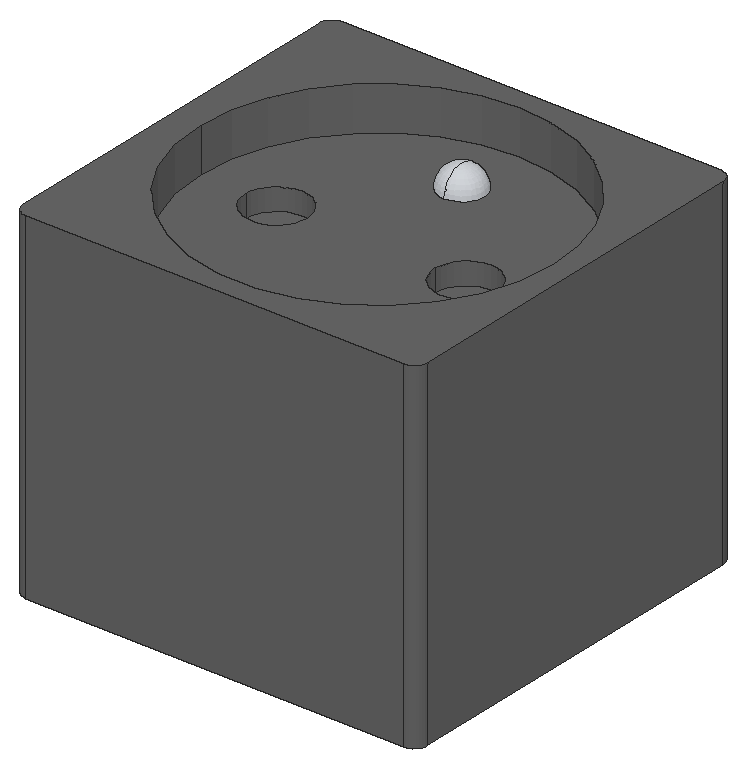
Revit family "Domotics-DomesticRanges-GEWISS-SYSTEM_POWER-SOCKET-OUTLET_FRA", category Apparecchi elettrici, host Superficie, Revit 2016
Family settings
  Host = Superficie
  Mantenere orientamento annotazione = Sì
  Tipo di parte = Normale
  Quota connettore circolare = Usa diametro
  Taglio con vuoti quando caricato = Sì
  Condiviso = Sì
  Punto di calcolo locali = Sì
Parameters (values of type "GW21207 - 16A 2P+E french socket outlet black")
  Voltage: = "250 V ac"
  Voltage = "250 V ac"
  Volt = 230 V
  Vista in pianta [instance] = yes
  Version file RFA = "19.4"
  URL = "https://www.gewiss.com/ww/en"
  Type: = ""
  Type = ""
  Technical sheet = "https://www.gewiss.com/ww/en/search?q=GW21207"
  TXT ELETTRICO = "16"
  TIPO_ = System Prese Fra_GENERICO : GW21207 Presa 2P+T 16A standard Francese nero
  Standard: = "French"
  Standard = "French"
  Simbolo [instance] = yes
  SEO = "Socket outlet"
  Realized by GEWISS S.p.A. = ""
  Default Elevation = 1219.2 mm
  Produttore = "GEWISS S.p.A."
  Offset presa [instance] = 0 mm
  Offset bidimensionale [instance] = 39 mm
  No. SYSTEM modules = "2"
  N. poli = 1
  Modello = "GW21207"
  Immagine tipo = GW21207.jpg
  IFC.TypeObject = ""
  IFC.ExportType = ""
  IFC.ExportAs = ""
  IDT = "59e86ad9-7750-4562-ad2a-436f4590d886"
  IDF = "babc6fc7-54f3-4548-b33f-10fc7bc1d9fd"
  For plug pins = "Ø 4 / 4.8 mm"
  Electrocod = "0131"
  EAN code = "8011564128491"
  Distanza_x [instance] = 0 mm
  Distanza_effettiva_y [instance] = 100 mm
  Distanza_effettiva_x [instance] = 1000 mm - Distanza_x  # 1000 mm
  Distanza orizzontale del simbolo [instance] = 51.318 mm
  Distanza dal muro [instance] = 4.208 mm
  Descrizione = "16A 2P+E FRENCH SOCKET OUTLET SY/BK"
  Description: = "2P+E - 16A"
  Description. = "France"
  Colour = "Black"
  Catalogue Range = "SYSTEM - DOMESTIC RANGE"
  Catalogue = "DOMOTICS"
  Carico apparente = 0 VA
  COBie.Tagnumber = ""
  COBie.CreatedOn = ""
  COBie.CreatebBy = ""
  COBie.ComponentRegisterItemID = ""
  COBie.Component.TagNumber = ""
  COBie.Component.Space = ""
  COBie.Component.SerialNumber = ""
  COBie.Component.InstallationDate = ""
  COBie.Component.Description = ""
  COBie.Component.BarCode = ""
Types (5, lengths in mm): name | Type: | Type | Technical sheet | TIPO_ | Modello | Immagine tipo | IDT | EAN code | Descrizione | Description: | Colour
  GW20206 - 16A 2P french socket outlet white | "" | "" | "https://www.gewiss.com/ww/en/search?q=GW20206" | System Prese Fra_GENERICO : GW20206 Presa 2P 16A standard Francese bianco | "GW20206" | GW20206.jpg | "fee1bd62-d0d0-44d1-b0d5-2b934b21f5da" | "8011564000582" | "16A 2P FRENCH SOCKET OUTLET SY/WT" | "2P - 16A" | "White"
  GW20207 - 16A 2P+E french socket outlet white | "" | "" | "https://www.gewiss.com/ww/en/search?q=GW20207" | System Prese Fra_GENERICO : GW20207 Presa 2P+T 16A standard Francese bianco | "GW20207" | GW20207.jpg | "78377db3-74a0-4f26-a398-ee75bd155f94" | "8011564000599" | "16A 2P+E FRENCH SOCKET OUTLET SY/WT" | "2P+E - 16A" | "White"
  GW20312 - 2P+E 16A french red socket | "For allocated lines" | "For allocated lines" | "https://www.gewiss.com/ww/en/search?q=GW20312" | System Prese Fra_GENERICO : GW20312 Presa 2P+T 16A standard Francese rosso | "GW20312" | GW20312.jpg | "05970419-c3f9-421f-8af2-ceda21b5f2f8" | "8011564099364" | "2P+E 16A FRENCH RED SOCKET" | "2P+E - 16A" | "Red"
  GW21206 - 16A 2P french socket outlet black | "" | "" | "https://www.gewiss.com/ww/en/search?q=GW21206" | System Prese Fra_GENERICO : GW21206 Presa 2P 16A standard Francese nero | "GW21206" | GW21206.jpg | "a2259f88-aa57-426d-a8ca-d412b65e5875" | "8011564128484" | "16A 2P FRENCH SOCKET OUTLET SY/BK" | "2P - 16A" | "Black"
  GW21207 - 16A 2P+E french socket outlet black | "" | "" | "https://www.gewiss.com/ww/en/search?q=GW21207" | System Prese Fra_GENERICO : GW21207 Presa 2P+T 16A standard Francese nero | "GW21207" | GW21207.jpg | "59e86ad9-7750-4562-ad2a-436f4590d886" | "8011564128491" | "16A 2P+E FRENCH SOCKET OUTLET SY/BK" | "2P+E - 16A" | "Black"
Reference planes
  plane 1 "Centro (Fronte/Retro)": y = 0
  plane 2: z = 0
  plane 3 "Centro (Sinistra/Destra)": x = 0
  plane 4: x = -1000
  plane 5: x = 0
  plane 6: y = 100
  plane 7: z = 39
  plane 8: z = 0
Lines and regions (mm)
  Masking region 1, visible <- "Vista in pianta"
    outline origin (0, 0, 0) x (1, 0, 0) y (0, 1, 0)
      loop
        line (-23, 22.5) -> (-23, -22.5) -> (23, -22.5) -> (23, 22.5) -> (-23, 22.5)
      loop
        circle (0.5, 0) r 20.156
      loop
        circle (-10.781, -0.293) r 3.536
      loop
        circle (10.781, -0.293) r 3.536
  Masking region 2, visible <- "Vista in pianta"
    outline origin (0, 0, 0) x (1, 0, 0) y (0, 0, 1)
      loop
        line (-23, 37.568) -> (-23, 0) -> (23, 0) -> (23, 37.568) -> (-23, 37.568)
  Masking region 3, visible <- "Vista in pianta"
    outline origin (0, 0, 0) x (0, 1, 0) y (0, 0, 1)
      loop
        line (-22.5, 37.568) -> (-22.5, 0) -> (22.5, 0) -> (22.5, 37.568) -> (-22.5, 37.568)
Dimensions and locks
  plane 4 to plane 3 "Centro (Sinistra/Destra)" = 1000 mm
  "Distanza_effettiva_x": plane 4 to plane 5
  "Distanza_effettiva_y": plane 6 to plane 1 "Centro (Fronte/Retro)"
  "Offset bidimensionale": plane 7 to host face
  "Offset presa": plane 8 to host face
  aligned and locked: plane 2 to host face
  aligned and locked: level to host face
  aligned and locked: plane 5 to nested 2
  aligned and locked: nested 2 to plane 6
  aligned and locked: Masking region 1 sketch curve to nested 1  (x4)
  aligned and locked: Masking region 2 sketch curve to nested 1  (x4)
  aligned and locked: Masking region 3 sketch curve to nested 1  (x4)
  aligned and locked: nested 1 to plane 8
  aligned and locked: import instance to plane 7
Automatic sketch dimensions
  host sketch curve to host sketch curve = 2438.4 mm  (x2)
  plane 1 "Centro (Fronte/Retro)" to Masking region 1 sketch curve = 0 mm
  plane 3 "Centro (Sinistra/Destra)" to Masking region 1 sketch curve = 0.5 mm
  Masking region 1 sketch curve to plane 3 "Centro (Sinistra/Destra)" = 19.656 mm
  plane 1 "Centro (Fronte/Retro)" to Masking region 1 sketch curve = 0.293 mm  (x2)
  Masking region 1 sketch curve to Masking region 1 sketch curve = 8.875 mm
  Masking region 1 sketch curve to Masking region 1 sketch curve = 3.536 mm  (x2)
  Masking region 1 sketch curve to Masking region 1 sketch curve = 0 mm  (x2)
  Masking region 1 sketch curve to Masking region 1 sketch curve = 9.875 mm
Nested families
  nested 1: "System Prese Fra_GENERICO" at (0, 0, 0), type <- "TIPO_", type "GW21207 Presa 2P+T 16A standard Francese nero", detail levels medium+fine
  nested 2: "SIMBOLO PRESE" at (0, 100, 0), TESTO ELETTRICO <- "TXT ELETTRICO", Distanza dal muro <- "Distanza dal muro", SIMBOLO <- "Simbolo", visible <- "Simbolo", type "PRESA"
    with TESTO ELETTRICO "16", SIMBOLO yes, Distanza dal muro 4.208 mm, BORDO ACCESO yes
Connectors
  electrical at (0, 0, 0), driven by "N. poli", driven by "Volt", driven by "Carico apparente"
    settings: on nested 1, index 1, voltage 230 V, apparent load 0 VA, apparent load phase1 0 VA, apparent load phase2 0 VA, apparent load phase3 0 VA, power factor 1, load classification "Altro", number of poles 1, system type 31, power factor state 1, is connector primary yes, connector utility no, sub classification motor no, connector description ""
Definition of nested family "System Prese Fra_GENERICO"
  Parameters (values of type "GW20312 Presa 2P+T 16A standard Francese rosso")
    Terra = yes
    Profondità presa = 39 mm
    Finitura Terra = none
    Finitura Presa = none
    Altezza da Terra = 500 mm
  Types (5, lengths in mm): name | Terra | Profondità presa
    GW20206 Presa 2P 16A standard Francese bianco | no | 37.568
    GW21206 Presa 2P 16A standard Francese nero | no | 37.568
    GW20207 Presa 2P+T 16A standard Francese bianco | yes | 37.568
    GW21207 Presa 2P+T 16A standard Francese nero | yes | 37.568
    GW20312 Presa 2P+T 16A standard Francese rosso | yes | 39
  Reference planes
    plane 1 "Centro (Fronte/Retro)": y = 0
    plane 2: z = 0
    plane 3 "Centro (Sinistra/Destra)": x = 0
    plane 4: y = -22.5
    plane 5: y = 22.5
    plane 6: y = 12.596
    plane 7: z = 39
  Forms (mm)
    Extrusion 1, solid, material <- "Finitura Presa"
      sketch origin (0, -522.5, 39) x (1, 0, 0) y (0, 1, 0)
        loop
          arc (-21.5, 545) -> (-22.561, 544.561) -> (-23, 543.5) r 1.5
          line (-23, 543.5) -> (-23, 501.5)
          arc (-23, 501.5) -> (-22.561, 500.439) -> (-21.5, 500) r 1.5
          line (-21.5, 500) -> (21.5, 500)
          arc (21.5, 500) -> (22.561, 500.439) -> (23, 501.5) r 1.5
          line (23, 501.5) -> (23, 543.5)
          arc (23, 543.5) -> (22.561, 544.561) -> (21.5, 545) r 1.5
          line (21.5, 545) -> (-21.5, 545)
      from 0 to -39
    Extrusion 2, void
      sketch origin (0, -522.5, 39) x (1, 0, 0) y (0, 1, 0)
        loop
          circle (0.5, 522.5) r 20.156
      from -5 to 0
    Extrusion 3, void
      sketch origin (0, -522.5, 39) x (1, 0, 0) y (0, 1, 0)
        loop
          circle (10.781, 522.207) r 3.536
        loop
          circle (-10.781, 522.207) r 3.536
      from -7.5 to -5
    Revolve 4, solid, material <- "Finitura Terra", visible <- "Terra"
      sketch origin (0, -522.5, 39) x (0, 0, -1) y (0, 1, 0)
        loop
          line (5, 535.096) -> (2.482, 535.096)
          arc (2.482, 535.096) -> (3.219, 533.315) -> (5, 532.578) r 2.518
          line (5, 532.578) -> (5, 535.096)
        axis (5, 535.096) -> (2.482, 535.096)
      angle from 0 to 360
  Cuts and joins
    Extrusion 2, Extrusion 3 cuts Extrusion 1
  Dimensions and locks
    equal spacing: plane 5, plane 1 "Centro (Fronte/Retro)", plane 4
    locked: plane 5 to plane 4 at 45
    locked: plane 6 to plane 1 "Centro (Fronte/Retro)" at 12.596
    "Profondità presa": plane 7 to level
    aligned and locked: level to plane 2
    aligned and locked: Extrusion 1 to level
  Automatic sketch dimensions
    Extrusion 1 sketch curve to plane 4 = 0 mm
    Extrusion 1 sketch curve to plane 5 = 0 mm
    plane 1 "Centro (Fronte/Retro)" to Extrusion 2 sketch curve = 0 mm
    plane 3 "Centro (Sinistra/Destra)" to Extrusion 2 sketch curve = 0.5 mm
    plane 1 "Centro (Fronte/Retro)" to Extrusion 3 sketch curve = 0.293 mm  (x2)
    Extrusion 3 sketch curve to plane 3 "Centro (Sinistra/Destra)" = 10.781 mm
    plane 3 "Centro (Sinistra/Destra)" to Extrusion 3 sketch curve = 10.781 mm
    Revolve 4 sketch curve to plane 6 = 0 mm  (x2)
    level to Revolve 4 sketch curve = 36.518 mm
    level to Revolve 4 sketch curve = 34 mm
    Revolve 4 sketch curve to Revolve 4 sketch curve = 1.144 mm
    Revolve 4 sketch curve to Revolve 4 sketch curve = 0 mm
    plane 3 "Centro (Sinistra/Destra)" to Extrusion 1 sketch curve = 21.5 mm  (x2)
    Extrusion 1 sketch curve to plane 5 = 1.5 mm  (x2)
    Extrusion 1 sketch curve to plane 3 "Centro (Sinistra/Destra)" = 21.5 mm
    Extrusion 1 sketch curve to Extrusion 1 sketch curve = 1.5 mm
    radius of Extrusion 2 sketch curve = 20.156 mm
    radius of Extrusion 3 sketch curve = 3.536 mm  (x2)
Definition of nested family "SIMBOLO PRESE"
  Parameters (values of type "PRESA")
    TESTO ELETTRICO [instance] = "TXT"
    Simbolo = SIMBOLO PRESE_BASE : PRESA
    SIMBOLO [instance] = yes
    Distanza dal muro [instance] = 4.208 mm
    BORDO ACCESO [instance] = yes
  Reference planes
    plane 1: y = 0
    plane 2: x = 0
  Dimensions and locks
    aligned and locked: plane 1 to nested 1
    aligned and locked: plane 2 to nested 1
  Nested families
    nested 1: "SIMBOLO PRESE_BASE" at (0, 0, 0), type <- "Simbolo", TESTO ELETTRICO <- "TESTO ELETTRICO", BORDO ACCESO <- "BORDO ACCESO", visible <- "SIMBOLO", type "PRESA"
      with TESTO ELETTRICO "TXT", BORDO ACCESO yes
  Definition of nested family "SIMBOLO PRESE_BASE"
    Parameters (values of type "PRESA")
      TESTO ELETTRICO [instance] = "TXT"
      Distanza dal muro = 4.208 mm
      BORDO ACCESO [instance] = yes
    Reference planes
      plane 1: y = 0
      plane 2: x = 0
    Lines and regions (mm)
      detail lines, visible <- "BORDO ACCESO", not visible
        curve 1: line (-1.743, 9.208, 0) -> (2.057, 9.208, 0)
        curve 2: line (2.057, 9.208, 0) -> (2.057, 4.208, 0)
        curve 3: line (2.057, 4.208, 0) -> (-1.743, 4.208, 0)
        curve 4: line (-1.743, 4.208, 0) -> (-1.743, 9.208, 0)
        curve 5: line (-1.543, 9.008, 0) -> (1.857, 9.008, 0)
        curve 6: line (1.857, 9.008, 0) -> (1.857, 4.408, 0)
        curve 7: line (1.857, 4.408, 0) -> (-1.543, 4.408, 0)
        curve 8: line (-1.543, 4.408, 0) -> (-1.543, 9.008, 0)
      detail lines
        curve 9: line (0.783, 1.133, 0) -> (-0.783, 1.133, 0)
        curve 10: line (0, 1.133, 0) -> (0, 0.349, 0)
        curve 11: arc (-0.783, 1.916, 0) -> (0, 1.133, 0) -> (0.783, 1.916, 0) r 0.783
    Text (mm)
      label "TXT" at (0.016, 1.578, 0), shows "TESTO ELETTRICO"
